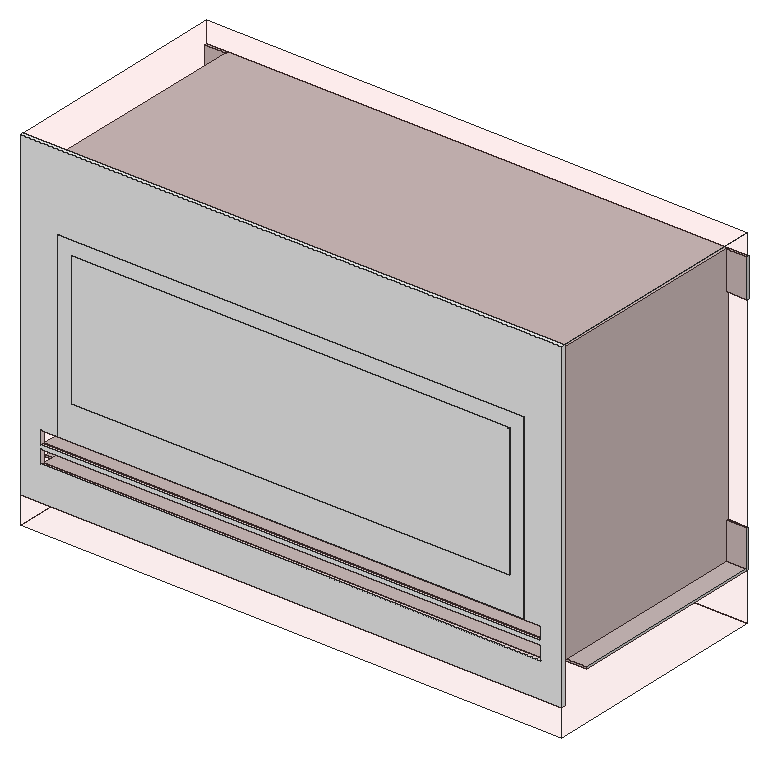
Revit family "Air-Curtain_Customer-Entry_PoweredAire_CLD-CHD", category Mechanical Equipment, host Face, Revit 2023
Family settings
  Host = Face
  Round Connector Dimension = Use Diameter
  Part Type = Normal
  OmniClass Number = 23.75.35.17.21
  OmniClass Title = Air Curtains
  Cut with Voids When Loaded = No
  Maintain Annotation Orientation = No
  Shared = No
  Room Calculation Point = No
Parameters
  Warranty Duration (Years) = 0
  Unit Width Notes = "Other Widths available."  # constant formula
  Unit Width = 3' - 3"
  Unit Weight = 0
  Unit Height = 1' - 4 3/4"
  Unit Depth = 1' - 11 1/4"
  URL = "http://www.poweredaire.com/"
  Test Data = ""
  Temperature Rise_Range = "as Specified"
  Standards Conformance = "as Specified"
  Specification = "http://www.arcat.com/sdspecs/htm04/23_34_33pai.htm"
  SpecWizard = ""
  Sound Pressure = "as Specified"
  Sales Information = "http://www.poweredaire.com/contact_us"
  Revision = "R1_2016-08"
  Projection from Host [instance] = 0' - 2"
  Product Properties = ""
  Product Data = "http://www.arcat.com/arcatcos/cos47/arc47623.html"
  Power Rating = 0 W
  Outlet Volume_Range = "as Specified"
  Outlet Velocity_Range = "as Specified"
  Nozzle Width = if(1 = 1, Unit Width - 0' 3", 0' 0")  # 3' - 0"
  Mounting Width = if(1 = 1, Unit Width - 0' 1 1/2", 0' 0")  # 3' - 1 1/2"
  Mounting Height [instance] = 3' - 6"
  Motor RPM = 0
  Motor HP = 0
  Motor Count = 0
  Model = "As Specified"
  Max Height = 0' - 0"
  Manufacturer Website = "http://www.poweredaire.com/"
  Manufacturer Phone - Toll Free = "888-321-2473"
  Manufacturer Phone = "724-588-3305"
  Manufacturer Fax = "724-588-3371"
  Manufacturer Address = "109 Mortensen Rd.  Greenville, PA 16125"
  Manufacturer = "Powered Aire, Inc"
  Maintenance Schedule (Months) = 0
  Keynote = "23 34 33"
  Installation-Fabrication = ""
  Installation Phase = ""
  Include Clearance [instance] = yes
  Heating Element Load = 0 W
  HVAC_Temperature Rise [instance] = 0 °F
  HVAC_Outlet Volume [instance] = 0 CFM
  HVAC_Outlet Velocity Uniformity = 0
  HVAC_Outlet Velocity [instance] = 0 FPM
  Green Building-LEED = "http://www.arcat.com/green/clients/leed_data_47623.html"
  Front Grating Material [instance] = Metal - Steel - PoweredAire - White Perforated
  Frame Finish [instance] = Metal - Steel - PoweredAire - Stainless 304
  Expected Lifespan (Years) = 0
  Electrical_Wattage [instance] = Power Rating + Heating Element Load  # 0 W
  Electrical_Voltage [instance] = 0 V
  Electrical_Phase [instance] = 1
  Electrical_Frequency [instance] = 0 Hz
  Electrical_Amperage [instance] = 0 A
  Drawn By = "Sumex Design, Inc. / Robert S. Weygant, CSI, CDT, SCIP"
  Description = "Powered Aire Air Curtain as Specified"
  Default Elevation = 0' - 0"  # constant formula
  Cover Finish [instance] = Metal - Steel - PoweredAire - White
  Copyright = "©Arcat Inc."
  Construction Details = "http://www.arcat.com/details/powair/prod3336.html"
  Clearance_Top [instance] = 0' - 0"
  Clearance_Side B [instance] = 0' - 0"
  Clearance_Side A [instance] = 0' - 0"
  Clearance_Intake [instance] = 0' - 0"
  Clearance_Front [instance] = 0' - 0"
  Clearance Material [instance] = ARCAT Clearance
  Building Codes = ""
  Available Options [instance] = "as Specified"
  Assembly Code = "D3090400"
Reference planes (in)
  plane 1 "Center (Elevation)": y = 8.51318
  plane 2: z = 0
  plane 3 "Center (Left/Right)": x = 0
  plane 4: y = 16.88818
  plane 5: y = 0.13818
  plane 6: x = -19.5
  plane 7: x = 19.5
  plane 8: z = 25.25
  plane 9 "FF": y = -41.86182
  plane 10: z = 2
  plane 11: x = 18
  plane 12: x = -18
  plane 13: y = 16.88818
  plane 14: y = 0.13818
  plane 15: x = -19.5
  plane 16: x = 19.5
  plane 17: z = 25.25
  plane 18: y = 0.38818
Forms (in)
  Extrusion 1, solid, material "ARCAT Clearance" <- "Clearance Material", visible <- "Include Clearance"
    sketch origin (0, 0, 0) x (0, 1, 0) y (0, 0, 1)
      loop
        line (0.13818, 25.25) -> (0.13818, 0) -> (16.88818, 0) -> (16.88818, 25.25) -> (0.13818, 25.25)
    from -19.5 to 19.5
  Extrusion 2, solid, material "Metal - Steel - PoweredAire - White" <- "Cover Finish"
    sketch origin (0, 8.51318, 0) x (1, 0, 0) y (0, 0, 1)
      loop
        line (-19.5, 25.25) -> (-19.5, 2) -> (19.5, 2) -> (19.5, 25.25) -> (-19.5, 25.25)
    from 8.125 to 8.375
  Extrusion 3, solid, material "Metal - Steel - PoweredAire - Stainless 304" <- "Frame Finish"
    sketch origin (0, 8.51318, 0) x (1, 0, 0) y (0, 0, 1)
      loop
        line (18, 23.75) -> (-18, 23.75) -> (-18, 3.5) -> (18, 3.5) -> (18, 23.75)
    from -8.375 to 8.125
  Extrusion 4, void
    sketch origin (0, 0, 0) x (0, 1, 0) y (0, 0, 1)
      loop
        line (0.13818, 5.5) -> (0.13818, 4.5) -> (1.88818, 4.5) -> (1.88818, 6.75) -> (0.13818, 6.75) -> (0.13818, 5.75) -> (1.63818, 5.75) -> (1.63818, 5.5) -> (0.13818, 5.5)
    from -18 to 18
  Extrusion 5, solid, material "Metal - Steel - PoweredAire - White" <- "Cover Finish"
    sketch origin (-11.83813, 0.13818, 48) x (-1, 0, 0) y (0, 0, 1)
      loop
        line (4.91187, -41.25) -> (4.91187, -28.25) -> (-28.58813, -28.25) -> (-28.58813, -41.25) -> (4.91187, -41.25)
    from 0 to -0.03125
  Extrusion 6, solid, material "Metal - Steel - PoweredAire - White Perforated" <- "Front Grating Material"
    sketch origin (-11.83813, 0.10693, 48) x (1, 0, 0) y (0, 0, 1)
      loop
        line (-3.91187, -29.25) -> (-3.91187, -38.75) -> (27.58813, -38.75) -> (27.58813, -29.25) -> (-3.91187, -29.25)
    from 0 to 0.03125
  Extrusion 7, solid, material "Metal - Steel - PoweredAire - Stainless 304" <- "Frame Finish"
    sketch origin (-15.17702, -180, 2) x (-1, 0, 0) y (0, -1, 0)
      loop
        line (-33.17702, -196.88818) -> (-33.17702, -182.38818) -> (-34.67702, -182.38818) -> (-34.67702, -196.88818) -> (-33.17702, -196.88818)
      loop
        line (2.82298, -196.88818) -> (4.32298, -196.88818) -> (4.32298, -182.38818) -> (2.82298, -182.38818) -> (2.82298, -196.88818)
    from 1.5 to 1.625
  Extrusion 8, solid, material "Metal - Steel - PoweredAire - Stainless 304" <- "Frame Finish"
    sketch origin (-11.83813, 16.88818, 48) x (-1, 0, 0) y (0, 0, 1)
      loop
        line (7.66187, -44.5) -> (7.66187, -41.75) -> (6.16187, -41.75) -> (6.16187, -44.5) -> (7.66187, -44.5)
      loop
        line (-31.33813, -44.5) -> (-29.83813, -44.5) -> (-29.83813, -41.75) -> (-31.33813, -41.75) -> (-31.33813, -44.5)
      loop
        line (7.66187, -27) -> (7.66187, -24.25) -> (6.16187, -24.25) -> (6.16187, -27) -> (7.66187, -27)
      loop
        line (-31.33813, -27) -> (-29.83813, -27) -> (-29.83813, -24.25) -> (-31.33813, -24.25) -> (-31.33813, -27)
    from 0 to -0.125
Cuts and joins
  Extrusion 4 cuts Extrusion 2
  Extrusion 4 cuts Extrusion 3
Dimensions and locks (in)
  equal spacing: plane 4, plane 1 "Center (Elevation)", plane 5
  "Unit Height": plane 4 to plane 5
  equal spacing: plane 6, plane 3 "Center (Left/Right)", plane 7
  "Unit Width": plane 6 to plane 7
  "Mounting Height": plane 5 to plane 9 "FF"
  "Projection from Host": plane 10 to level
  "Unit Depth": plane 8 to plane 10
  locked: plane 6 to plane 12 at 1.5
  locked: plane 11 to plane 7 at 1.5
  "Clearance_Side A": plane 7 to plane 16
  "Clearance_Side B": plane 15 to plane 6
  "Clearance_Top": plane 13 to plane 4
  "Clearance_Intake": plane 5 to plane 14
  "Clearance_Front": plane 17 to plane 8
  locked: plane 8 to Extrusion 3 sketch curve at 1.5
  locked: Extrusion 3 sketch curve to plane 10 at 1.5
  locked: plane 7 to Extrusion 3 sketch curve at 1.5
  locked: Extrusion 3 sketch curve to plane 6 at 1.5
  locked: plane 18 to plane 5 at 0.25
  Extrusion 4 sketch curve to Extrusion 4 sketch curve to Extrusion 4 sketch curve to Extrusion 4 sketch curve to plane 10 = 0' - 1" locked, 0' - 0 1/4" locked, 0' - 1" locked, 0' - 2 1/2" locked
  Extrusion 5 sketch curve to Extrusion 5 sketch curve to plane 10 = 1' - 1" locked, 0' - 4 3/4" locked
  locked: plane 11 to Extrusion 5 sketch curve at 1.25
  locked: Extrusion 5 sketch curve to plane 12 at 1.25
  Extrusion 6 sketch curve to Extrusion 6 sketch curve to plane 10 = 0' - 9 1/2" locked, 0' - 7 1/4" locked
  locked: Extrusion 6 sketch curve to plane 12 at 2.25
  locked: plane 11 to Extrusion 6 sketch curve at 2.25
  locked: plane 4 to Extrusion 7 sketch curve at 14.5  (x2)
  Extrusion 8 sketch curve to Extrusion 8 sketch curve to Extrusion 8 sketch curve to Extrusion 8 sketch curve to plane 10 = 0' - 2 3/4" locked, 1' - 2 3/4" locked, 0' - 2 3/4" locked, 0' - 1 1/2" locked  (x2)
  aligned and locked: plane 2 to host face
  aligned and locked: level to host face
  aligned and locked: Extrusion 1 sketch curve to plane 17
  aligned and locked: plane 14 to Extrusion 1 sketch curve
  aligned and locked: level to Extrusion 1 sketch curve
  aligned and locked: Extrusion 1 sketch curve to plane 13
  aligned and locked: plane 16 to Extrusion 1
  aligned and locked: Extrusion 1 to plane 15
  aligned and locked: Extrusion 2 sketch curve to plane 8
  aligned and locked: plane 6 to Extrusion 2 sketch curve
  aligned and locked: Extrusion 2 sketch curve to plane 10
  aligned and locked: Extrusion 2 sketch curve to plane 7
  aligned and locked: Extrusion 3 to plane 4
  aligned and locked: Extrusion 3 to plane 18
  aligned and locked: Extrusion 2 to plane 18
  aligned and locked: Extrusion 2 to plane 5
  aligned and locked: plane 11 to Extrusion 4
  aligned and locked: Extrusion 4 to plane 12
  aligned and locked: Extrusion 7 sketch curve to plane 4  (x2)
Automatic sketch dimensions
  host sketch curve to host sketch curve = 8' - 0"  (x2)
  Extrusion 4 sketch curve to plane 5 = 0' - 0"  (x2)
  plane 18 to Extrusion 4 sketch curve = 0' - 1 1/4"
  Extrusion 4 sketch curve to Extrusion 4 sketch curve = 0' - 0 1/4"
  Extrusion 7 sketch curve to plane 7 = 0' - 0"
  Extrusion 7 sketch curve to plane 11 = 0' - 0"
  Extrusion 7 sketch curve to plane 12 = 0' - 0"
  Extrusion 7 sketch curve to plane 6 = 0' - 0"
  Extrusion 8 sketch curve to plane 7 = 0' - 0"  (x2)
  Extrusion 8 sketch curve to plane 11 = 0' - 0"  (x2)
  Extrusion 8 sketch curve to plane 12 = 0' - 0"  (x2)
  Extrusion 8 sketch curve to plane 6 = 0' - 0"  (x2)
Connectors (in)
  electrical at (-18, 4.88818, 9.625), driven by "Electrical_Voltage", driven by "Electrical_Phase"
    settings: on cut or joined group of Extrusion 3, Extrusion 4, index 1, voltage 0 V, apparent load 0 VA, apparent load phase1 0 VA, apparent load phase2 0 VA, apparent load phase3 0 VA, power factor 1, load classification "Other", number of poles 1, system type 31, power factor state 1, is connector primary yes, connector utility no, sub classification motor no, connector description ""
